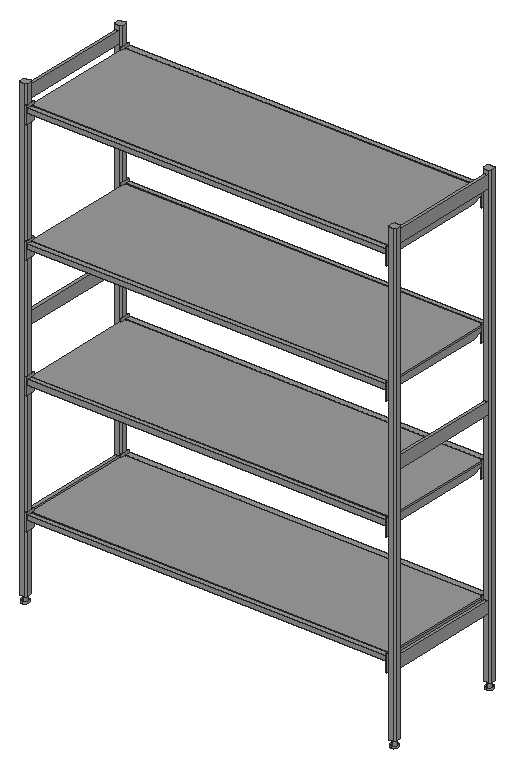
Revit family "QF_ELECTROLUXPROFESSIONAL_137037_BLS1394", category Attrezzature speciali, Revit 2020
Family settings
  Quota connettore circolare = Usa diametro
  Tipo di parte = Normale
  Basato su piano di lavoro = No
  Sempre verticale = Sì
  Taglio con vuoti quando caricato = No
  Condiviso = No
  Punto di calcolo locali = No
Parameters (values of type "Standard")
  Weight = 26.00 kg
  Watts = 0 W
  Volts = 0 V
  URL Manufacturer = "https://www.electroluxprofessional.com/"
  URL = "https://www.electroluxprofessional.com/"
  Steam Supply Size = 0 mm
  Steam Supply Minimum Pressure = 0.0 Pa
  Steam Supply Maximum Pressure = 0.0 Pa
  Steam Consumption per Hour = 0
  Refrigeration Suction Line Size = 0.0 mm
  Refrigeration Liquid Line Size = 0.0 mm
  Refrigerant Compressor Remote = yes
  Prospetto di default = 0.0 mm
  Phase = 0
  Modello = "BLS1394"
  Produttore = "Electrolux Professional"
  Length Actual = 1394.0 mm  # constant formula
  Item Number = "137037"
  Hot Water Size = 0 mm
  Height Actual = 1700.0 mm  # constant formula
  HP = "0 HP"
  Gas Size = 0 mm
  Gas KW = 0
  Gas Input Pressure = 0 W
  Direct Waste Size = 0 mm
  Descrizione = "ALUM.LINEAR SHELV.-POLY.TIERS-475X1394MM"
  Depth Actual = 475.0 mm  # constant formula
  Cycle = 0 Hz
  Condensate Return Size = 0 mm
  Compressed Air Volume = 0.0 L/s
  Compressed Air Size = 0 mm
  Compressed Air Pressure = 0.0 Pa
  Cold Water Size = 0 mm
  Accessory = yes
Reference planes
  plane 1: z = 0
  plane 2 "Center (Left/Right)": x = -31
  plane 3 "LEFT": x = -728
  plane 4 "RIGHT": x = 666
  plane 5 "BACK": y = 23
  plane 6 "FRONT": y = -452
  plane 7 "TOP": z = 1700
  plane 8: x = 661
  plane 9: x = -696
  plane 10: x = 634
  plane 11 "Center (Front/Back)": y = -214.5
  plane 12: x = 629
  plane 13: y = -8.5
  plane 14: y = -420.5
  plane 15 "FEET": z = 25
  plane 16: z = 275
  plane 17: z = 725
  plane 18: z = 1175
  plane 19: z = 1625
  plane 20 "CXLeft": x = -714
  plane 21 "CXRight": x = 652
  plane 22: y = 5.5
  plane 23 "CYBack": y = 5.5
  plane 24 "CYFront": y = -434.5
Forms (mm)
  Extrusion 1, solid, material "QF_Aluminum"
    sketch origin (-728, 0, 0) x (0, 1, 0) y (0, 0, 1)
      loop
        line (4, 1650.994) -> (4, 1632.998) -> (23, 1632.998) -> (23, 1650.994) -> (4, 1650.994)
      loop
        line (-433, 1650.994) -> (-452, 1650.994) -> (-452, 1632.998) -> (-433, 1632.998) -> (-433, 1650.994)
      loop
        line (4, 1200.994) -> (4, 1182.998) -> (23, 1182.998) -> (23, 1200.994) -> (4, 1200.994)
      loop
        line (-433, 1200.994) -> (-452, 1200.994) -> (-452, 1182.998) -> (-433, 1182.998) -> (-433, 1200.994)
      loop
        line (4, 750.994) -> (4, 732.998) -> (23, 732.998) -> (23, 750.994) -> (4, 750.994)
      loop
        line (-433, 750.994) -> (-452, 750.994) -> (-452, 732.998) -> (-433, 732.998) -> (-433, 750.994)
      loop
        line (4, 300.994) -> (4, 282.998) -> (23, 282.998) -> (23, 300.994) -> (4, 300.994)
      loop
        line (-433, 300.994) -> (-452, 300.994) -> (-452, 282.998) -> (-433, 282.998) -> (-433, 300.994)
    from 32 to 1362
  Extrusion 2, solid, material "QF_Polyethylene"
    sketch origin (-728, 0, 0) x (0, 1, 0) y (0, 0, 1)
      loop
        line (2.007, 1650.994) -> (-431, 1650.994) -> (-431, 1644.496) -> (2.007, 1644.496) -> (2.007, 1650.994)
      loop
        line (2.007, 1200.994) -> (-431, 1200.994) -> (-431, 1194.496) -> (2.007, 1194.496) -> (2.007, 1200.994)
      loop
        line (2.007, 750.994) -> (-431, 750.994) -> (-431, 744.496) -> (2.007, 744.496) -> (2.007, 750.994)
      loop
        line (2.007, 300.994) -> (-431, 300.994) -> (-431, 294.496) -> (2.007, 294.496) -> (2.007, 300.994)
    from 32 to 1362
  Extrusion 3, solid, material "QF_Aluminum"
    sketch origin (666, 0, 0) x (0, 1, 0) y (0, 0, 1)
      loop
        line (-12, 1632.998) -> (4, 1632.998) -> (4, 1650.994) -> (2.007, 1650.994) -> (2.007, 1644.496) -> (-431, 1644.496) -> (-431, 1650.994) -> (-433, 1650.994) -> (-433, 1632.998) -> (-417, 1632.998) -> (-383, 1620.994) -> (-46, 1620.994) -> (-12, 1632.998)
      loop
        line (-12, 1182.998) -> (4, 1182.998) -> (4, 1200.994) -> (2.007, 1200.994) -> (2.007, 1194.496) -> (-431, 1194.496) -> (-431, 1200.994) -> (-433, 1200.994) -> (-433, 1182.998) -> (-417, 1182.998) -> (-383, 1170.994) -> (-46, 1170.994) -> (-12, 1182.998)
      loop
        line (-12, 732.998) -> (4, 732.998) -> (4, 750.994) -> (2.007, 750.994) -> (2.007, 744.496) -> (-431, 744.496) -> (-431, 750.994) -> (-433, 750.994) -> (-433, 732.998) -> (-417, 732.998) -> (-383, 720.994) -> (-46, 720.994) -> (-12, 732.998)
      loop
        line (-12, 282.998) -> (4, 282.998) -> (4, 300.994) -> (2.007, 300.994) -> (2.007, 294.496) -> (-431, 294.496) -> (-431, 300.994) -> (-433, 300.994) -> (-433, 282.998) -> (-417, 282.998) -> (-383, 270.994) -> (-46, 270.994) -> (-12, 282.998)
    from -32 to -37
Lines and regions (mm)
  symbolic lines
    curve 1: line (634, 4, 1700) -> (-696, 4, 1700)
    curve 2: line (-700, 23, 1700) -> (638, 23, 1700)
    curve 3: line (638, 13.246, 1700) -> (644.254, 19.5, 1700)
    curve 4: line (644.254, -8.5, 1700) -> (638, -2.246, 1700)
    curve 5: line (644.254, -420.5, 1700) -> (638, -426.754, 1700)
    curve 6: line (-700, -452, 1700) -> (638, -452, 1700)
    curve 7: line (638, 23, 1700) -> (638, -12.993, 1700)
    curve 8: line (638, -12.993, 1700) -> (634, -12.993, 1700)
    curve 9: line (638, -452, 1700) -> (638, -416.007, 1700)
    curve 10: line (638, -416.007, 1700) -> (634, -416.007, 1700)
    curve 11: line (-696, -12.993, 1700) -> (-696, -416.007, 1700)
    curve 12: line (-696, -433, 1700) -> (634, -433, 1700)
    curve 13: line (634, -12.993, 1700) -> (634, -416.007, 1700)
Dimensions and locks
  locked: plane 3 "LEFT" to plane 4 "RIGHT" at 1394
  equal spacing: plane 3 "LEFT", plane 2 "Center (Left/Right)", plane 4 "RIGHT"
  locked: plane 7 "TOP" to level at 1700
  locked: plane 5 "BACK" to plane 6 "FRONT" at 475
  locked: plane 4 "RIGHT" to plane 8 at 5
  locked: plane 9 to plane 10 at 1330
  locked: plane 3 "LEFT" to plane 9 at 32
  plane 12 to plane 10 = 5.0 mm
  locked: plane 13 to plane 14 at 412
  equal spacing: plane 13, plane 11 "Center (Front/Back)", plane 14
  equal spacing: plane 5 "BACK", plane 11 "Center (Front/Back)", plane 6 "FRONT"
  plane 15 "FEET" to level = 25.0 mm
  plane 7 "TOP" to plane 15 "FEET" = 1675.0 mm
  plane 16 to plane 15 "FEET" = 250.0 mm
  plane 17 to plane 16 = 450.0 mm
  plane 18 to plane 17 = 450.0 mm
  plane 19 to plane 18 = 450.0 mm
  locked: plane 3 "LEFT" to plane 20 "CXLeft" at 14
  locked: plane 21 "CXRight" to plane 4 "RIGHT" at 14
  locked: plane 5 "BACK" to plane 23 "CYBack" at 17.5
  locked: plane 24 "CYFront" to plane 6 "FRONT" at 17.5
  aligned and locked: level to plane 1
  aligned and locked: plane 9 to Extrusion 2
  aligned and locked: Extrusion 2 to plane 10
  aligned and locked: plane 9 to Extrusion 1
  aligned and locked: Extrusion 1 to plane 10
  aligned and locked: Extrusion 1 sketch curve to Extrusion 1 sketch curve  (x2)
  aligned and locked: Extrusion 3 sketch curve to Extrusion 3 sketch curve  (x3)
  aligned and locked: Extrusion 3 to plane 12
  aligned and locked: Extrusion 3 to plane 10
  aligned and locked: nested 1 to plane 20 "CXLeft"
  aligned and locked: nested 2 to plane 21 "CXRight"
Automatic sketch dimensions
  Extrusion 1 sketch curve to plane 6 "FRONT" = 0.0 mm  (x4)
  Extrusion 1 sketch curve to plane 5 "BACK" = 0.0 mm  (x4)
  plane 24 "CYFront" to Extrusion 1 sketch curve = 1.5 mm  (x2)
  plane 22 to Extrusion 1 sketch curve = 1.5 mm  (x4)
  plane 16 to Extrusion 1 sketch curve = 7.998 mm  (x2)
  Extrusion 1 sketch curve to Extrusion 1 sketch curve = 17.997 mm  (x8)
  plane 17 to Extrusion 1 sketch curve = 7.998 mm  (x2)
  plane 18 to Extrusion 1 sketch curve = 7.998 mm  (x2)
  plane 19 to Extrusion 1 sketch curve = 7.998 mm  (x2)
  plane 24 "CYFront" to Extrusion 2 sketch curve = 3.5 mm  (x4)
  plane 22 to Extrusion 2 sketch curve = 3.493 mm  (x4)
  plane 16 to Extrusion 2 sketch curve = 19.496 mm
  Extrusion 2 sketch curve to Extrusion 2 sketch curve = 6.499 mm  (x4)
  plane 17 to Extrusion 2 sketch curve = 19.496 mm
  plane 18 to Extrusion 2 sketch curve = 19.496 mm
  plane 19 to Extrusion 2 sketch curve = 19.496 mm
  plane 24 "CYFront" to Extrusion 3 sketch curve = 1.5 mm  (x4)
  Extrusion 3 sketch curve to Extrusion 3 sketch curve = 2.0 mm
  plane 14 to Extrusion 3 sketch curve = 3.5 mm  (x4)
  Extrusion 3 sketch curve to plane 16 = 4.006 mm
  Extrusion 3 sketch curve to Extrusion 3 sketch curve = 34.0 mm  (x4)
  Extrusion 3 sketch curve to plane 17 = 4.006 mm
  Extrusion 3 sketch curve to plane 18 = 4.006 mm
  Extrusion 3 sketch curve to plane 19 = 4.006 mm
  Extrusion 3 sketch curve to plane 13 = 37.5 mm  (x4)
  Extrusion 3 sketch curve to plane 13 = 3.5 mm  (x4)
  plane 22 to Extrusion 3 sketch curve = 3.493 mm  (x4)
  plane 22 to Extrusion 3 sketch curve = 1.5 mm  (x4)
  plane 16 to Extrusion 3 sketch curve = 7.998 mm  (x2)
  Extrusion 3 sketch curve to Extrusion 3 sketch curve = 11.498 mm  (x4)
  Extrusion 3 sketch curve to Extrusion 3 sketch curve = 6.499 mm  (x8)
  plane 17 to Extrusion 3 sketch curve = 7.998 mm  (x2)
  plane 18 to Extrusion 3 sketch curve = 7.998 mm  (x2)
  plane 19 to Extrusion 3 sketch curve = 7.998 mm  (x2)
  curve 6 to plane 6 "FRONT" = 0.0 mm
  curve 12 to plane 9 = 0.0 mm
  curve 12 to plane 10 = 0.0 mm
  curve 5 to plane 14 = 0.0 mm
  curve 11 to plane 9 = 0.0 mm
  curve 8 to plane 10 = 0.0 mm
  curve 4 to plane 13 = 0.0 mm
  curve 1 to plane 9 = 0.0 mm
  curve 1 to plane 10 = 0.0 mm
  curve 2 to plane 5 "BACK" = 0.0 mm
  plane 14 to curve 10 = 4.493 mm
  curve 7 to plane 13 = 4.493 mm
  curve 10 to plane 10 = 4.0 mm
  curve 7 to plane 10 = 4.0 mm
  plane 24 "CYFront" to curve 12 = 1.5 mm
  curve 5 to plane 14 = 6.254 mm
  plane 14 to curve 11 = 4.493 mm
  curve 11 to plane 13 = 4.493 mm
  plane 13 to curve 4 = 6.254 mm
  plane 22 to curve 1 = 1.5 mm
  curve 3 to plane 22 = 7.746 mm
  curve 3 to plane 5 "BACK" = 3.5 mm
  curve 5 to curve 9 = 6.254 mm
  curve 3 to curve 2 = 6.254 mm
  curve 4 to curve 7 = 6.254 mm
  plane 9 to curve 2 = 4.0 mm
  plane 9 to curve 6 = 4.0 mm
Nested families
  nested 1: "WT_Anta475" at (-311, 0, 0), type "WT_Anta475"
  nested 2: "WT_Anta475" at (249, 0, 0) x (-1, 0, 0) z (0, 0, 1), type "WT_Anta475"
Definition of nested family "WT_Anta475"
  Parameters
    WidthLeft = A + 64.0 mm  # 772.0 mm
    Width = 1606.0 mm
    Right = WidthLeft / 2  # 386.0 mm
    Default Elevation = 0.0 mm
    Left = -WidthLeft / 2  # -386.0 mm
    Height = 1725.0 mm
    FEET = 25.0 mm
    E = 0.0 mm
    Dint = Depth - 63.0 mm  # 412.0 mm
    Dext = Depth - 8.0 mm  # 467.0 mm
    Depth = 475.0 mm
    DX = (WidthLeft - A) / 2  # 32.0 mm
    B = 798.0 mm
    A = 708.0 mm
  Reference planes
    plane 1: z = 0
    plane 2 "LEFT": x = -417
    plane 3 "BACK": y = 23
    plane 4 "FRONT": y = -452
    plane 5 "TOP": z = 1725
    plane 6 "Center (Front/Back)": y = -214.5
    plane 7: y = -8.5
    plane 8: y = -420.5
    plane 9 "FEET": z = 25
    plane 10: z = 275
    plane 11: z = 725
    plane 12: z = 1175
    plane 13: z = 1625
    plane 14 "CXLeft": x = -403
    plane 15: y = 5.5
    plane 16 "CYBack": y = 5.5
    plane 17 "CYFront": y = -434.5
    plane 18: x = -385.031
    plane 19: x = -380.031
  Forms (mm)
    Extrusion 1, solid
      sketch origin (0, 0, 0) x (1, 0, 0) y (0, 1, 0)
        loop
          line (-417, 13.246) -> (-417, -2.246) -> (-410.746, -8.5) -> (-395.254, -8.5) -> (-389, -2.246) -> (-389, 13.246) -> (-395.254, 19.5) -> (-410.746, 19.5) -> (-417, 13.246)
      from 1725 to 25
    Extrusion 2, solid
      sketch origin (-417, 0, 0) x (0, 1, 0) y (0, 0, 1)
        loop
          line (23, 246.005) -> (23, 307.993) -> (-12.993, 307.993) -> (-12.993, 246.005) -> (23, 246.005)
        loop
          line (-452, 246.005) -> (-416.007, 246.005) -> (-416.007, 307.993) -> (-452, 307.993) -> (-452, 246.005)
        loop
          line (23, 696.005) -> (23, 757.993) -> (-12.993, 757.993) -> (-12.993, 696.005) -> (23, 696.005)
        loop
          line (-452, 696.005) -> (-416.007, 696.005) -> (-416.007, 757.993) -> (-452, 757.993) -> (-452, 696.005)
        loop
          line (23, 1146.005) -> (23, 1207.993) -> (-12.993, 1207.993) -> (-12.993, 1146.005) -> (23, 1146.005)
        loop
          line (-452, 1146.005) -> (-416.007, 1146.005) -> (-416.007, 1207.993) -> (-452, 1207.993) -> (-452, 1146.005)
        loop
          line (23, 1596.005) -> (23, 1657.993) -> (-12.993, 1657.993) -> (-12.993, 1596.005) -> (23, 1596.005)
        loop
          line (-452, 1596.005) -> (-416.007, 1596.005) -> (-416.007, 1657.993) -> (-452, 1657.993) -> (-452, 1596.005)
      from 28 to 32
    Revolve 3, solid
      sketch origin (-403, 0, 0) x (0, 1, 0) y (0, 0, 1)
        loop
          line (5.5, 25) -> (5.5, 0) -> (19, 0) -> (19, 5) -> (14, 5) -> (14, 25) -> (5.5, 25)
        axis (5.5, 25) -> (5.5, 0)
      angle from 0 to 360
    Extrusion 4, solid
      sketch origin (-403, 0, 0) x (0, 1, 0) y (0, 0, 1)
        loop
          line (-8.5, 912.382) -> (-8.5, 957.374) -> (-420.5, 957.374) -> (-420.5, 912.382) -> (-8.5, 912.382)
        loop
          line (-8.5, 1662.244) -> (-8.5, 1707.236) -> (-420.5, 1707.236) -> (-420.5, 1662.244) -> (-8.5, 1662.244)
      from -5 to 5
    Revolve 5, solid
      sketch origin (-403, -627, 0) x (0, -1, 0) y (0, 0, 1)
        loop
          line (-192.5, 25) -> (-192.5, 0) -> (-179, 0) -> (-179, 5) -> (-184, 5) -> (-184, 25) -> (-192.5, 25)
        axis (-192.5, 25) -> (-192.5, 0)
      angle from 0 to 360
    Extrusion 6, solid
      sketch origin (0, -627, 0) x (1, 0, 0) y (0, 1, 0)
        loop
          line (-417, 184.754) -> (-410.746, 178.5) -> (-395.254, 178.5) -> (-389, 184.754) -> (-389, 200.246) -> (-395.254, 206.5) -> (-410.746, 206.5) -> (-417, 200.246) -> (-417, 184.754)
      from 1725 to 25
    Extrusion 7, solid
      sketch origin (-417.031, -0.022, 0) x (0, 1, 0) y (0, 0, -1)
        loop
          line (-12, -1632.998) -> (-46, -1620.994) -> (-383, -1620.994) -> (-417, -1632.998) -> (-433, -1632.998) -> (-433, -1650.994) -> (-431, -1650.994) -> (-431, -1644.496) -> (2.007, -1644.496) -> (2.007, -1650.994) -> (4, -1650.994) -> (4, -1632.998) -> (-12, -1632.998)
        loop
          line (-12, -1182.998) -> (-46, -1170.994) -> (-383, -1170.994) -> (-417, -1182.998) -> (-433, -1182.998) -> (-433, -1200.994) -> (-431, -1200.994) -> (-431, -1194.496) -> (2.007, -1194.496) -> (2.007, -1200.994) -> (4, -1200.994) -> (4, -1182.998) -> (-12, -1182.998)
        loop
          line (-12, -732.998) -> (-46, -720.994) -> (-383, -720.994) -> (-417, -732.998) -> (-433, -732.998) -> (-433, -750.994) -> (-431, -750.994) -> (-431, -744.496) -> (2.007, -744.496) -> (2.007, -750.994) -> (4, -750.994) -> (4, -732.998) -> (-12, -732.998)
        loop
          line (-12, -282.998) -> (-46, -270.994) -> (-383, -270.994) -> (-417, -282.998) -> (-433, -282.998) -> (-433, -300.994) -> (-431, -300.994) -> (-431, -294.496) -> (2.007, -294.496) -> (2.007, -300.994) -> (4, -300.994) -> (4, -282.998) -> (-12, -282.998)
      from -32 to -37
    Extrusion 8, solid
      sketch origin (-403, 0, -659.878) x (0, 1, 0) y (0, 0, 1)
        loop
          line (-8.5, 912.382) -> (-8.5, 957.374) -> (-420.5, 957.374) -> (-420.5, 912.382) -> (-8.5, 912.382)
        loop
          line (-8.5, 1572.382) -> (-8.5, 1617.374) -> (-420.5, 1617.374) -> (-420.5, 1572.382) -> (-8.5, 1572.382)
        loop
          line (-8.5, 2322.382) -> (-8.5, 2367.374) -> (-420.5, 2367.374) -> (-420.5, 2322.382) -> (-8.5, 2322.382)
      from -5 to 5
  Lines and regions (mm)
    symbolic lines
      curve 1: line (-408, -8.5, 1725) -> (-408, -420.5, 1725)
      curve 2: line (-398, -420.5, 1725) -> (-398, -8.5, 1725)
      curve 3: line (-395.254, -8.5, 1725) -> (-410.746, -8.5, 1725)
      curve 4: line (-417, -2.246, 1725) -> (-410.746, -8.5, 1725)
      curve 5: line (-417, 13.246, 1725) -> (-417, -2.246, 1725)
      curve 6: line (-410.746, 19.5, 1725) -> (-417, 13.246, 1725)
      curve 7: line (-395.254, 19.5, 1725) -> (-410.746, 19.5, 1725)
      curve 8: line (-389, 13.246, 1725) -> (-395.254, 19.5, 1725)
      curve 9: line (-395.254, -8.5, 1725) -> (-389, -2.246, 1725)
      curve 10: line (-395.254, -420.5, 1725) -> (-410.746, -420.5, 1725)
      curve 11: line (-417, -426.754, 1725) -> (-410.746, -420.5, 1725)
      curve 12: line (-410.746, -448.5, 1725) -> (-417, -442.246, 1725)
      curve 13: line (-395.254, -448.5, 1725) -> (-410.746, -448.5, 1725)
      curve 14: line (-389, -442.246, 1725) -> (-395.254, -448.5, 1725)
      curve 15: line (-395.254, -420.5, 1725) -> (-389, -426.754, 1725)
      curve 16: line (-389, -452, 1725) -> (-389, -416.007, 1725)
      curve 17: line (-389, -416.007, 1725) -> (-385, -416.007, 1725)
      curve 18: line (-389, 23, 1725) -> (-389, -12.993, 1725)
      curve 19: line (-389, -12.993, 1725) -> (-385, -12.993, 1725)
      curve 20: line (-417, -426.754, 1725) -> (-417, -442.246, 1725)
      curve 21: line (-385, -452, 1725) -> (-385, -416.007, 1725)
      curve 22: line (-385, -452, 1725) -> (-389, -452, 1725)
      curve 23: line (-385, 23, 1725) -> (-389, 23, 1725)
      curve 24: line (-385, -12.993, 1725) -> (-385, 23, 1725)
      curve 25: line (-385.031, -13.016, 1725) -> (-385.031, -416.029, 1725)
  Dimensions and locks
    "Height": plane 5 "TOP" to level
    "Depth": plane 3 "BACK" to plane 4 "FRONT"
    "Dint": plane 7 to plane 8
    equal spacing: plane 7, plane 6 "Center (Front/Back)", plane 8
    equal spacing: plane 3 "BACK", plane 6 "Center (Front/Back)", plane 4 "FRONT"
    plane 9 "FEET" to level = 25.0 mm
    plane 5 "TOP" to plane 9 "FEET" = 1700.0 mm
    plane 10 to plane 9 "FEET" = 250.0 mm
    plane 11 to plane 10 = 450.0 mm
    plane 12 to plane 11 = 450.0 mm
    plane 13 to plane 12 = 450.0 mm
    locked: plane 2 "LEFT" to plane 14 "CXLeft" at 14
    locked: plane 3 "BACK" to plane 16 "CYBack" at 17.5
    locked: plane 17 "CYFront" to plane 4 "FRONT" at 17.5
    locked: Revolve 3 sketch curve to Revolve 3 sketch curve at 8.5
    locked: Revolve 3 sketch curve to plane 16 "CYBack" at 13.5
    locked: Revolve 5 sketch curve to Revolve 5 sketch curve at 8.5
    aligned and locked: level to plane 1
    aligned and locked: curve 20 to Extrusion 6
    aligned and locked: plane 5 "TOP" to Extrusion 1
    aligned and locked: plane 5 "TOP" to Extrusion 6
    aligned and locked: Extrusion 7 sketch curve to Extrusion 7 sketch curve  (x3)
  Automatic sketch dimensions
    curve 16 to plane 4 "FRONT" = 0.0 mm
    curve 11 to plane 8 = 0.0 mm
    curve 9 to plane 7 = 0.0 mm
    curve 5 to plane 2 "LEFT" = 0.0 mm
    curve 23 to plane 3 "BACK" = 0.0 mm
    plane 4 "FRONT" to curve 13 = 3.5 mm
    curve 20 to plane 17 "CYFront" = 7.746 mm
    curve 20 to plane 8 = 6.254 mm
    plane 8 to curve 16 = 4.493 mm
    curve 24 to plane 18 = 0.031 mm
    curve 24 to plane 7 = 4.493 mm
    plane 7 to curve 5 = 6.254 mm
    curve 5 to plane 15 = 7.746 mm
    curve 6 to plane 3 "BACK" = 3.5 mm
    curve 21 to plane 18 = 0.031 mm
    plane 18 to curve 23 = 3.969 mm
    plane 18 to curve 16 = 3.969 mm
    curve 18 to curve 8 = 6.254 mm
    curve 18 to curve 3 = 6.254 mm
    curve 16 to curve 13 = 6.254 mm
    curve 16 to curve 15 = 6.254 mm
    plane 2 "LEFT" to curve 10 = 6.254 mm
    plane 2 "LEFT" to curve 7 = 6.254 mm
    plane 2 "LEFT" to curve 12 = 6.254 mm
    plane 2 "LEFT" to curve 3 = 6.254 mm
    curve 14 to plane 17 "CYFront" = 7.746 mm
    curve 15 to plane 8 = 6.254 mm
    plane 7 to curve 9 = 6.254 mm
    curve 8 to plane 15 = 7.746 mm
    curve 3 to curve 2 = 2.746 mm
    curve 1 to curve 10 = 2.746 mm
    Extrusion 1 sketch curve to plane 2 "LEFT" = 0.0 mm
    Extrusion 1 sketch curve to plane 7 = 0.0 mm
    plane 2 "LEFT" to Extrusion 1 sketch curve = 6.254 mm  (x2)
    plane 14 "CXLeft" to Extrusion 1 sketch curve = 7.746 mm  (x2)
    Extrusion 1 sketch curve to plane 3 "BACK" = 3.5 mm
    plane 18 to Extrusion 1 sketch curve = 3.969 mm
    plane 7 to Extrusion 1 sketch curve = 6.254 mm  (x2)
    Extrusion 1 sketch curve to plane 15 = 7.746 mm  (x2)
    Extrusion 2 sketch curve to plane 4 "FRONT" = 0.0 mm  (x4)
    Extrusion 2 sketch curve to plane 3 "BACK" = 0.0 mm  (x4)
    plane 8 to Extrusion 2 sketch curve = 4.493 mm  (x4)
    Extrusion 2 sketch curve to plane 7 = 4.493 mm  (x4)
    Extrusion 2 sketch curve to plane 10 = 28.995 mm  (x2)
    plane 10 to Extrusion 2 sketch curve = 32.993 mm  (x2)
    Extrusion 2 sketch curve to plane 11 = 28.995 mm  (x2)
    plane 11 to Extrusion 2 sketch curve = 32.993 mm  (x2)
    Extrusion 2 sketch curve to plane 12 = 28.995 mm  (x2)
    plane 12 to Extrusion 2 sketch curve = 32.993 mm  (x2)
    Extrusion 2 sketch curve to plane 13 = 28.995 mm  (x2)
    plane 13 to Extrusion 2 sketch curve = 32.993 mm  (x2)
    Revolve 3 sketch curve to plane 9 "FEET" = 0.0 mm  (x2)
    Revolve 3 sketch curve to plane 15 = 0.0 mm  (x2)
    Revolve 3 sketch curve to level = 0.0 mm
    level to Revolve 3 sketch curve = 5.0 mm
    Revolve 3 sketch curve to Revolve 3 sketch curve = 11.655 mm
    Extrusion 4 sketch curve to plane 8 = 0.0 mm  (x2)
    Extrusion 4 sketch curve to plane 7 = 0.0 mm  (x2)
    plane 11 to Extrusion 4 sketch curve = 187.382 mm
    Extrusion 4 sketch curve to Extrusion 4 sketch curve = 44.992 mm
    plane 13 to Extrusion 4 sketch curve = 37.244 mm
    Extrusion 4 sketch curve to plane 5 "TOP" = 17.764 mm
    Revolve 5 sketch curve to plane 9 "FEET" = 0.0 mm  (x2)
    Revolve 5 sketch curve to plane 17 "CYFront" = 0.0 mm  (x2)
    Revolve 5 sketch curve to level = 0.0 mm
    Revolve 5 sketch curve to plane 4 "FRONT" = 4.0 mm
    Revolve 5 sketch curve to Revolve 5 sketch curve = 5.0 mm
    level to Revolve 5 sketch curve = 11.655 mm
    Extrusion 6 sketch curve to plane 2 "LEFT" = 0.0 mm
    Extrusion 6 sketch curve to plane 8 = 0.0 mm
    Extrusion 6 sketch curve to plane 2 "LEFT" = 6.254 mm  (x2)
    Extrusion 6 sketch curve to plane 14 "CXLeft" = 7.746 mm  (x2)
    Extrusion 6 sketch curve to plane 4 "FRONT" = 3.5 mm
    Extrusion 6 sketch curve to plane 18 = 3.969 mm
    plane 8 to Extrusion 6 sketch curve = 6.254 mm  (x2)
    plane 17 "CYFront" to Extrusion 6 sketch curve = 7.746 mm  (x2)
    plane 17 "CYFront" to Extrusion 7 sketch curve = 1.478 mm  (x4)
    Extrusion 7 sketch curve to Extrusion 7 sketch curve = 2.0 mm
    plane 8 to Extrusion 7 sketch curve = 3.478 mm  (x4)
    Extrusion 7 sketch curve to plane 10 = 4.006 mm
    Extrusion 7 sketch curve to Extrusion 7 sketch curve = 34.0 mm  (x4)
    Extrusion 7 sketch curve to plane 11 = 4.006 mm
    Extrusion 7 sketch curve to plane 12 = 4.006 mm
    Extrusion 7 sketch curve to plane 13 = 4.006 mm
    Extrusion 7 sketch curve to plane 7 = 37.522 mm  (x4)
    Extrusion 7 sketch curve to plane 7 = 3.522 mm  (x4)
    plane 15 to Extrusion 7 sketch curve = 3.516 mm  (x4)
    plane 15 to Extrusion 7 sketch curve = 1.522 mm  (x4)
    plane 13 to Extrusion 7 sketch curve = 7.998 mm  (x2)
    Extrusion 7 sketch curve to Extrusion 7 sketch curve = 11.498 mm
    Extrusion 7 sketch curve to Extrusion 7 sketch curve = 6.499 mm  (x5)
    plane 12 to Extrusion 7 sketch curve = 25.994 mm  (x2)
    plane 12 to Extrusion 7 sketch curve = 7.998 mm  (x2)
    plane 11 to Extrusion 7 sketch curve = 25.994 mm  (x2)
    plane 11 to Extrusion 7 sketch curve = 7.998 mm  (x2)
    plane 10 to Extrusion 7 sketch curve = 25.994 mm  (x2)
    plane 10 to Extrusion 7 sketch curve = 7.998 mm  (x2)
    curve 25 to plane 18 = 0.0 mm
    plane 8 to curve 25 = 4.471 mm
    curve 25 to plane 7 = 4.516 mm
    Extrusion 8 sketch curve to plane 8 = 0.0 mm  (x3)
    Extrusion 8 sketch curve to plane 7 = 0.0 mm  (x3)
    Extrusion 8 sketch curve to plane 10 = 22.496 mm
    plane 10 to Extrusion 8 sketch curve = 22.496 mm
    plane 11 to Extrusion 8 sketch curve = 187.504 mm
    Extrusion 8 sketch curve to Extrusion 8 sketch curve = 44.992 mm
    plane 13 to Extrusion 8 sketch curve = 37.504 mm
    Extrusion 8 sketch curve to plane 5 "TOP" = 17.504 mm
